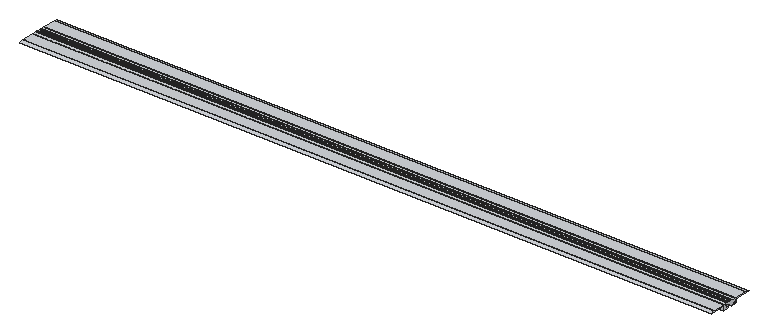
Revit family "Novojunta Pro Aluminio PLUS SP", category Modelos genéricos, Revit 2024 (continued)
Automatic sketch dimensions
  Extrusion 2 sketch curve to Extrusion 2 sketch curve = 0.556 mm  (x2)
  Extrusion 2 sketch curve to Extrusion 2 sketch curve = 0.914 mm  (x4)
  Extrusion 2 sketch curve to Extrusion 2 sketch curve = 6.15 mm
  Extrusion 2 sketch curve to Extrusion 2 sketch curve = 0.643 mm  (x2)
  Extrusion 2 sketch curve to Extrusion 2 sketch curve = 2.621 mm
  Extrusion 2 sketch curve to Extrusion 2 sketch curve = 3.073 mm
  Extrusion 2 sketch curve to Extrusion 2 sketch curve = 0.648 mm
  Extrusion 2 sketch curve to Extrusion 2 sketch curve = 0.081 mm
  Extrusion 2 sketch curve to Extrusion 2 sketch curve = 1.633 mm
  Extrusion 2 sketch curve to Extrusion 2 sketch curve = 0.035 mm
  Extrusion 2 sketch curve to Extrusion 2 sketch curve = 0.952 mm  (x2)
  Extrusion 2 sketch curve to Extrusion 2 sketch curve = 2.772 mm  (x2)
  Extrusion 2 sketch curve to Extrusion 2 sketch curve = 0.093 mm  (x2)
  Extrusion 2 sketch curve to Extrusion 2 sketch curve = 0.912 mm  (x2)
  Extrusion 2 sketch curve to Extrusion 2 sketch curve = 1.365 mm  (x2)
  Extrusion 2 sketch curve to Extrusion 2 sketch curve = 1.788 mm
  Extrusion 2 sketch curve to Extrusion 2 sketch curve = 1.929 mm
  Extrusion 2 sketch curve to Extrusion 2 sketch curve = 2.179 mm
  Extrusion 2 sketch curve to Extrusion 2 sketch curve = 0.065 mm
  Extrusion 2 sketch curve to Extrusion 2 sketch curve = 27.375 mm
  Extrusion 2 sketch curve to Extrusion 2 sketch curve = 12.662 mm
  Extrusion 2 sketch curve to Extrusion 2 sketch curve = 0.316 mm
  Extrusion 2 sketch curve to Extrusion 2 sketch curve = 2.724 mm
  Extrusion 2 sketch curve to Extrusion 2 sketch curve = 2.421 mm
  Extrusion 2 sketch curve to Extrusion 2 sketch curve = 3.225 mm
  Extrusion 2 sketch curve to Extrusion 2 sketch curve = 12.661 mm
  Extrusion 2 sketch curve to Extrusion 2 sketch curve = 2.409 mm
  Extrusion 2 sketch curve to Extrusion 2 sketch curve = 0.637 mm
  Extrusion 3 sketch curve to level = 2.865 mm
  plane 1 "Center (Front/Back)" to Extrusion 3 sketch curve = 83.198 mm
  Extrusion 3 sketch curve to level = 0.065 mm
  Extrusion 3 sketch curve to Extrusion 3 sketch curve = 12.661 mm
  Extrusion 3 sketch curve to Extrusion 3 sketch curve = 42.8 mm
  Extrusion 3 sketch curve to Extrusion 3 sketch curve = 2.8 mm
  Extrusion 3 sketch curve to Extrusion 3 sketch curve = 2.3 mm  (x4)
  Extrusion 3 sketch curve to Extrusion 3 sketch curve = 0.4 mm  (x3)
  Extrusion 3 sketch curve to Extrusion 3 sketch curve = 1 mm  (x5)
  Extrusion 3 sketch curve to Extrusion 3 sketch curve = 2 mm  (x7)
  Extrusion 3 sketch curve to level = 6.294 mm  (x2)
  Extrusion 3 sketch curve to Extrusion 3 sketch curve = 0.572 mm
  Extrusion 3 sketch curve to Extrusion 3 sketch curve = 0.428 mm  (x3)
  Extrusion 3 sketch curve to Extrusion 3 sketch curve = 1.428 mm
  Extrusion 3 sketch curve to level = 5.517 mm  (x2)
  Extrusion 3 sketch curve to Extrusion 3 sketch curve = 0.214 mm  (x3)
  Extrusion 3 sketch curve to Extrusion 3 sketch curve = 6.6 mm
  Extrusion 3 sketch curve to Extrusion 3 sketch curve = 4.567 mm  (x2)
  Extrusion 3 sketch curve to Extrusion 3 sketch curve = 0 mm  (x13)
  Extrusion 3 sketch curve to Extrusion 3 sketch curve = 0.8 mm  (x6)
  Extrusion 3 sketch curve to Extrusion 3 sketch curve = 2.1 mm  (x2)
  Extrusion 3 sketch curve to Extrusion 3 sketch curve = 1.633 mm
  Extrusion 3 sketch curve to Extrusion 3 sketch curve = 17.878 mm
  Extrusion 3 sketch curve to Extrusion 3 sketch curve = 7.086 mm  (x2)
  Extrusion 3 sketch curve to level = 25.713 mm
  Extrusion 3 sketch curve to Extrusion 3 sketch curve = 7.3 mm
  Extrusion 3 sketch curve to Extrusion 3 sketch curve = 1.214 mm  (x2)
  Extrusion 3 sketch curve to level = 24.936 mm
  Extrusion 3 sketch curve to Extrusion 3 sketch curve = 1.572 mm  (x2)
  Extrusion 3 sketch curve to Extrusion 3 sketch curve = 5 mm
  level to Extrusion 3 sketch curve = 26.708 mm
  Extrusion 3 sketch curve to Extrusion 3 sketch curve = 6 mm
  Extrusion 3 sketch curve to Extrusion 3 sketch curve = 0.452 mm  (x2)
  Extrusion 3 sketch curve to Extrusion 3 sketch curve = 5.5 mm
  Extrusion 3 sketch curve to Extrusion 3 sketch curve = 5.409 mm
  Extrusion 3 sketch curve to Extrusion 3 sketch curve = 0.729 mm
  Extrusion 3 sketch curve to Extrusion 3 sketch curve = 13.329 mm
  Extrusion 3 sketch curve to level = 11.747 mm
  Extrusion 3 sketch curve to Extrusion 3 sketch curve = 0.245 mm
  Extrusion 3 sketch curve to Extrusion 3 sketch curve = 0.437 mm
  Extrusion 3 sketch curve to level = 11.184 mm  (x4)
  Extrusion 3 sketch curve to Extrusion 3 sketch curve = 0.703 mm
  Extrusion 3 sketch curve to level = 4.652 mm
  Extrusion 3 sketch curve to Extrusion 3 sketch curve = 0.771 mm  (x2)
  Extrusion 3 sketch curve to level = 13.201 mm  (x2)
  Extrusion 3 sketch curve to Extrusion 3 sketch curve = 0.12 mm
  Extrusion 3 sketch curve to level = 13.18 mm  (x2)
  Extrusion 3 sketch curve to Extrusion 3 sketch curve = 1.188 mm
  Extrusion 3 sketch curve to Extrusion 3 sketch curve = 1.092 mm
  Extrusion 3 sketch curve to Extrusion 3 sketch curve = 0.261 mm  (x2)
  Extrusion 3 sketch curve to level = 11.689 mm
  Extrusion 3 sketch curve to Extrusion 3 sketch curve = 0.188 mm
  Extrusion 3 sketch curve to level = 4.2 mm  (x2)
  Extrusion 3 sketch curve to Extrusion 3 sketch curve = 0.606 mm
  Extrusion 3 sketch curve to level = 14.2 mm
  Extrusion 3 sketch curve to Extrusion 3 sketch curve = 2.312 mm
  Extrusion 3 sketch curve to level = 0 mm
  Extrusion 3 sketch curve to Extrusion 3 sketch curve = 2.631 mm
  Extrusion 3 sketch curve to level = 5.861 mm  (x4)
  Extrusion 3 sketch curve to Extrusion 3 sketch curve = 3.631 mm
  Extrusion 3 sketch curve to Extrusion 3 sketch curve = 0.359 mm  (x5)
  Extrusion 3 sketch curve to Extrusion 3 sketch curve = 2.719 mm  (x2)
  Extrusion 3 sketch curve to Extrusion 3 sketch curve = 0.243 mm
  Extrusion 3 sketch curve to Extrusion 3 sketch curve = 3.605 mm  (x2)
  Extrusion 3 sketch curve to level = 2.071 mm  (x4)
  Extrusion 3 sketch curve to Extrusion 3 sketch curve = 8.541 mm
  Extrusion 3 sketch curve to Extrusion 3 sketch curve = 8.115 mm
  Extrusion 3 sketch curve to Extrusion 3 sketch curve = 1.038 mm
  Extrusion 3 sketch curve to Extrusion 3 sketch curve = 4.646 mm
  Extrusion 3 sketch curve to Extrusion 3 sketch curve = 2.216 mm
  Extrusion 3 sketch curve to Extrusion 3 sketch curve = 0.811 mm
  Extrusion 3 sketch curve to level = 11.74 mm
  Extrusion 3 sketch curve to Extrusion 3 sketch curve = 0.219 mm
  Extrusion 3 sketch curve to Extrusion 3 sketch curve = 0.708 mm
  Extrusion 3 sketch curve to Extrusion 3 sketch curve = 1.187 mm  (x2)
  Extrusion 3 sketch curve to Extrusion 3 sketch curve = 1.172 mm
  Extrusion 3 sketch curve to Extrusion 3 sketch curve = 0.184 mm
  Extrusion 3 sketch curve to level = 10.271 mm
  Extrusion 3 sketch curve to Extrusion 3 sketch curve = 1.113 mm
  Extrusion 3 sketch curve to level = 11.713 mm
  Extrusion 3 sketch curve to Extrusion 3 sketch curve = 0.191 mm
  Extrusion 3 sketch curve to Extrusion 3 sketch curve = 13.436 mm
  Extrusion 3 sketch curve to Extrusion 3 sketch curve = 0.914 mm  (x3)
  Extrusion 3 sketch curve to Extrusion 3 sketch curve = 0.061 mm  (x3)
  Extrusion 3 sketch curve to Extrusion 3 sketch curve = 1.929 mm  (x2)
  Extrusion 3 sketch curve to Extrusion 3 sketch curve = 2.071 mm  (x3)
  Extrusion 3 sketch curve to Extrusion 3 sketch curve = 2.724 mm
  Extrusion 3 sketch curve to Extrusion 3 sketch curve = 0.796 mm
  Extrusion 3 sketch curve to level = 8.122 mm  (x2)
  Extrusion 3 sketch curve to Extrusion 3 sketch curve = 3.877 mm
  Extrusion 3 sketch curve to level = 4.841 mm  (x2)
  Extrusion 3 sketch curve to Extrusion 3 sketch curve = 0.014 mm
  Extrusion 3 sketch curve to Extrusion 3 sketch curve = 4.495 mm
  Extrusion 3 sketch curve to Extrusion 3 sketch curve = 0.406 mm
  Extrusion 3 sketch curve to level = 9.205 mm  (x2)
  Extrusion 3 sketch curve to Extrusion 3 sketch curve = 0.981 mm  (x2)
  Extrusion 3 sketch curve to level = 5.446 mm  (x2)
  Extrusion 3 sketch curve to Extrusion 3 sketch curve = 0.986 mm  (x2)
  Extrusion 3 sketch curve to level = 6.366 mm  (x2)
  Extrusion 3 sketch curve to Extrusion 3 sketch curve = 0.157 mm  (x2)
  Extrusion 3 sketch curve to Extrusion 3 sketch curve = 8.408 mm
  Extrusion 3 sketch curve to Extrusion 3 sketch curve = 0.196 mm  (x2)
  Extrusion 3 sketch curve to Extrusion 3 sketch curve = 0.004 mm  (x4)
  Extrusion 3 sketch curve to Extrusion 3 sketch curve = 0.168 mm  (x2)
  Extrusion 3 sketch curve to Extrusion 3 sketch curve = 2.957 mm
  Extrusion 3 sketch curve to Extrusion 3 sketch curve = 0.568 mm
  Extrusion 3 sketch curve to Extrusion 3 sketch curve = 2.991 mm
  Extrusion 3 sketch curve to Extrusion 3 sketch curve = 2.962 mm
  Extrusion 3 sketch curve to Extrusion 3 sketch curve = 1.593 mm
  Extrusion 4 sketch curve to level = 0 mm  (x5)
  plane 1 "Center (Front/Back)" to Extrusion 4 sketch curve = 24.7 mm
  Extrusion 4 sketch curve to level = 11.747 mm  (x2)
  Extrusion 4 sketch curve to Extrusion 4 sketch curve = 0.008 mm
  Extrusion 4 sketch curve to level = 11.184 mm  (x4)
  Extrusion 4 sketch curve to Extrusion 4 sketch curve = 0.703 mm
  Extrusion 4 sketch curve to Extrusion 4 sketch curve = 0.971 mm  (x2)
  Extrusion 4 sketch curve to level = 13.201 mm  (x2)
  Extrusion 4 sketch curve to Extrusion 4 sketch curve = 1.171 mm  (x2)
  Extrusion 4 sketch curve to level = 13.18 mm  (x2)
  Extrusion 4 sketch curve to Extrusion 4 sketch curve = 1.188 mm  (x2)
  Extrusion 4 sketch curve to Extrusion 4 sketch curve = 1.329 mm
  Extrusion 4 sketch curve to Extrusion 4 sketch curve = 0.261 mm  (x3)
  Extrusion 4 sketch curve to level = 11.74 mm  (x2)
  Extrusion 4 sketch curve to Extrusion 4 sketch curve = 0.708 mm  (x2)
  Extrusion 4 sketch curve to Extrusion 4 sketch curve = 5.697 mm
  Extrusion 4 sketch curve to level = 14.2 mm
  Extrusion 4 sketch curve to Extrusion 4 sketch curve = 6.435 mm  (x2)
  Extrusion 4 sketch curve to Extrusion 4 sketch curve = 2.631 mm
  Extrusion 4 sketch curve to level = 5.861 mm  (x4)
  Extrusion 4 sketch curve to Extrusion 4 sketch curve = 3.631 mm  (x2)
  Extrusion 4 sketch curve to Extrusion 4 sketch curve = 0.359 mm  (x5)
  Extrusion 4 sketch curve to Extrusion 4 sketch curve = 2.719 mm  (x2)
  Extrusion 4 sketch curve to Extrusion 4 sketch curve = 4.046 mm  (x2)
  Extrusion 4 sketch curve to Extrusion 4 sketch curve = 3.605 mm  (x2)
  Extrusion 4 sketch curve to level = 2.071 mm  (x4)
  Extrusion 4 sketch curve to Extrusion 4 sketch curve = 0.8 mm  (x4)
  Extrusion 4 sketch curve to Extrusion 4 sketch curve = 9.579 mm
  Extrusion 4 sketch curve to Extrusion 4 sketch curve = 8.115 mm
  Extrusion 4 sketch curve to Extrusion 4 sketch curve = 4.003 mm
  Extrusion 4 sketch curve to Extrusion 4 sketch curve = 1 mm  (x8)
  Extrusion 4 sketch curve to Extrusion 4 sketch curve = 1.109 mm
  Extrusion 4 sketch curve to Extrusion 4 sketch curve = 1.371 mm
  Extrusion 4 sketch curve to Extrusion 4 sketch curve = 15.901 mm
  Extrusion 4 sketch curve to Extrusion 4 sketch curve = 0.914 mm  (x4)
  Extrusion 4 sketch curve to Extrusion 4 sketch curve = 0.061 mm  (x3)
  Extrusion 4 sketch curve to level = 4.652 mm  (x2)
  Extrusion 4 sketch curve to Extrusion 4 sketch curve = 1.661 mm  (x2)
  Extrusion 4 sketch curve to level = 2.224 mm  (x2)
  Extrusion 4 sketch curve to Extrusion 4 sketch curve = 0 mm  (x9)
  Extrusion 4 sketch curve to Extrusion 4 sketch curve = 0.796 mm
  Extrusion 4 sketch curve to level = 8.122 mm  (x2)
  Extrusion 4 sketch curve to Extrusion 4 sketch curve = 3.877 mm
  Extrusion 4 sketch curve to level = 4.841 mm  (x2)
  Extrusion 4 sketch curve to Extrusion 4 sketch curve = 0.014 mm
  Extrusion 4 sketch curve to Extrusion 4 sketch curve = 4.495 mm
  Extrusion 4 sketch curve to Extrusion 4 sketch curve = 0.406 mm
  Extrusion 4 sketch curve to level = 9.205 mm  (x2)
  Extrusion 4 sketch curve to Extrusion 4 sketch curve = 0.981 mm  (x2)
  Extrusion 4 sketch curve to level = 5.446 mm  (x2)
  Extrusion 4 sketch curve to Extrusion 4 sketch curve = 0.986 mm  (x2)
  Extrusion 4 sketch curve to level = 6.366 mm  (x2)
  Extrusion 4 sketch curve to Extrusion 4 sketch curve = 0.157 mm  (x2)
  Extrusion 4 sketch curve to Extrusion 4 sketch curve = 8.408 mm
  Extrusion 4 sketch curve to Extrusion 4 sketch curve = 0.196 mm  (x2)
  Extrusion 4 sketch curve to Extrusion 4 sketch curve = 0.004 mm  (x4)
  Extrusion 4 sketch curve to Extrusion 4 sketch curve = 0.168 mm  (x2)
  Extrusion 4 sketch curve to Extrusion 4 sketch curve = 2.957 mm
  Extrusion 4 sketch curve to Extrusion 4 sketch curve = 0.568 mm
  Extrusion 4 sketch curve to Extrusion 4 sketch curve = 2.991 mm
  Extrusion 4 sketch curve to Extrusion 4 sketch curve = 2.962 mm
  Extrusion 4 sketch curve to Extrusion 4 sketch curve = 1.593 mm
  Extrusion 4 sketch curve to Extrusion 4 sketch curve = 0.316 mm  (x2)
  Extrusion 4 sketch curve to level = 5.517 mm  (x2)
  Extrusion 4 sketch curve to Extrusion 4 sketch curve = 0.318 mm
  Extrusion 4 sketch curve to Extrusion 4 sketch curve = 2.238 mm
  Extrusion 4 sketch curve to Extrusion 4 sketch curve = 0.214 mm  (x2)
  Extrusion 4 sketch curve to Extrusion 4 sketch curve = 1.214 mm
  Extrusion 4 sketch curve to level = 6.294 mm  (x2)
  Extrusion 4 sketch curve to Extrusion 4 sketch curve = 0.428 mm  (x2)
  Extrusion 4 sketch curve to Extrusion 4 sketch curve = 1.572 mm
  Extrusion 4 sketch curve to Extrusion 4 sketch curve = 0.197 mm  (x2)
  Extrusion 4 sketch curve to level = 14.055 mm
  Extrusion 4 sketch curve to Extrusion 4 sketch curve = 0.787 mm
  Extrusion 4 sketch curve to Extrusion 4 sketch curve = 0.194 mm
  Extrusion 4 sketch curve to Extrusion 4 sketch curve = 0.4 mm  (x2)
  Extrusion 4 sketch curve to level = 14.044 mm
  Extrusion 4 sketch curve to Extrusion 4 sketch curve = 0.916 mm
  Extrusion 4 sketch curve to Extrusion 4 sketch curve = 0.171 mm  (x2)
  Extrusion 4 sketch curve to Extrusion 4 sketch curve = 4.135 mm  (x2)
  Extrusion 4 sketch curve to level = 0.183 mm  (x2)
  Extrusion 4 sketch curve to Extrusion 4 sketch curve = 43.333 mm
  Extrusion 4 sketch curve to level = 2.865 mm  (x2)
  Extrusion 4 sketch curve to Extrusion 4 sketch curve = 12.128 mm  (x2)
  Extrusion 4 sketch curve to Extrusion 4 sketch curve = 3.463 mm
  Extrusion 4 sketch curve to Extrusion 4 sketch curve = 0.365 mm  (x2)
  Extrusion 4 sketch curve to Extrusion 4 sketch curve = 0.729 mm
  Extrusion 4 sketch curve to level = 0.065 mm
  Extrusion 4 sketch curve to Extrusion 4 sketch curve = 42.254 mm
  Extrusion 4 sketch curve to Extrusion 4 sketch curve = 1.08 mm
  Extrusion 4 sketch curve to level = 13.981 mm
  Extrusion 4 sketch curve to Extrusion 4 sketch curve = 0.349 mm
  Extrusion 4 sketch curve to Extrusion 4 sketch curve = 0.206 mm
  Extrusion 4 sketch curve to level = 14.022 mm
  Extrusion 4 sketch curve to Extrusion 4 sketch curve = 0.552 mm
  Extrusion 4 sketch curve to Extrusion 4 sketch curve = 0.572 mm
  Extrusion 4 sketch curve to Extrusion 4 sketch curve = 0.532 mm
  Extrusion 4 sketch curve to Extrusion 4 sketch curve = 2 mm
  Extrusion 4 sketch curve to Extrusion 4 sketch curve = 2.465 mm
  Extrusion 4 sketch curve to Extrusion 4 sketch curve = 1.365 mm
  Extrusion 5 sketch curve to level = 0 mm
  plane 1 "Center (Front/Back)" to Extrusion 5 sketch curve = 24.7 mm
  Extrusion 5 sketch curve to level = 11.747 mm
  Extrusion 5 sketch curve to Extrusion 5 sketch curve = 0.008 mm  (x2)
  Extrusion 5 sketch curve to level = 11.184 mm  (x4)
  Extrusion 5 sketch curve to Extrusion 5 sketch curve = 0.703 mm
  Extrusion 5 sketch curve to level = 10.271 mm  (x2)
  Extrusion 5 sketch curve to Extrusion 5 sketch curve = 0.261 mm  (x3)
  Extrusion 5 sketch curve to level = 13.201 mm  (x2)
  Extrusion 5 sketch curve to Extrusion 5 sketch curve = 1.171 mm  (x2)
  Extrusion 5 sketch curve to level = 13.18 mm  (x2)
  Extrusion 5 sketch curve to Extrusion 5 sketch curve = 1.188 mm  (x2)
  Extrusion 5 sketch curve to Extrusion 5 sketch curve = 1.329 mm
  Extrusion 5 sketch curve to level = 11.689 mm
  Extrusion 5 sketch curve to Extrusion 5 sketch curve = 0.643 mm
  Extrusion 5 sketch curve to Extrusion 5 sketch curve = 1.829 mm  (x2)
  Extrusion 5 sketch curve to Extrusion 5 sketch curve = 5.238 mm
  Extrusion 5 sketch curve to Extrusion 5 sketch curve = 0.061 mm  (x2)
  Extrusion 5 sketch curve to level = 4.797 mm  (x2)
  Extrusion 5 sketch curve to Extrusion 5 sketch curve = 0.613 mm  (x2)
  Extrusion 5 sketch curve to level = 13.603 mm  (x2)
  Extrusion 5 sketch curve to Extrusion 5 sketch curve = 6.022 mm
  Extrusion 5 sketch curve to Extrusion 5 sketch curve = 0.614 mm  (x2)
  Extrusion 5 sketch curve to Extrusion 5 sketch curve = 0.07 mm  (x2)
  Extrusion 5 sketch curve to Extrusion 5 sketch curve = 5.785 mm  (x2)
  Extrusion 5 sketch curve to Extrusion 5 sketch curve = 6.924 mm  (x2)
  Extrusion 5 sketch curve to Extrusion 5 sketch curve = 19.2 mm
  Extrusion 5 sketch curve to Extrusion 5 sketch curve = 1.421 mm
  Extrusion 5 sketch curve to Extrusion 5 sketch curve = 1.014 mm
  Extrusion 5 sketch curve to Extrusion 5 sketch curve = 3.409 mm
  Extrusion 5 sketch curve to level = 11.74 mm
  Extrusion 5 sketch curve to Extrusion 5 sketch curve = 5.956 mm
  Extrusion 5 sketch curve to Extrusion 5 sketch curve = 0.708 mm
  Extrusion 5 sketch curve to Extrusion 5 sketch curve = 1.109 mm
  Extrusion 5 sketch curve to level = 4.652 mm
  Extrusion 5 sketch curve to Extrusion 5 sketch curve = 2.7 mm
  Extrusion 5 sketch curve to level = 11.693 mm
  Extrusion 5 sketch curve to Extrusion 5 sketch curve = 0.635 mm
  Extrusion 5 sketch curve to Extrusion 5 sketch curve = 0.971 mm
  Extrusion 5 sketch curve to Extrusion 5 sketch curve = 0.597 mm  (x2)
  Extrusion 5 sketch curve to Extrusion 5 sketch curve = 1.559 mm
  Extrusion 5 sketch curve to Extrusion 5 sketch curve = 0 mm  (x5)
  Extrusion 5 sketch curve to Extrusion 5 sketch curve = 0.914 mm  (x2)
  Extrusion 5 sketch curve to Extrusion 5 sketch curve = 0.013 mm  (x2)
  Extrusion 5 sketch curve to Extrusion 5 sketch curve = 0.452 mm  (x2)
  Extrusion 5 sketch curve to Extrusion 5 sketch curve = 2.224 mm  (x2)
  Extrusion 5 sketch curve to Extrusion 5 sketch curve = 266.786 mm
  Extrusion 5 sketch curve to Extrusion 5 sketch curve = 0.24 mm
  Extrusion 5 sketch curve to Extrusion 5 sketch curve = 3.04 mm
  Extrusion 5 sketch curve to Extrusion 5 sketch curve = 42.8 mm
  Extrusion 5 sketch curve to level = 2.839 mm
  Extrusion 5 sketch curve to Extrusion 5 sketch curve = 12.661 mm
  Extrusion 5 sketch curve to Extrusion 5 sketch curve = 0.283 mm
  Extrusion 5 sketch curve to Extrusion 5 sketch curve = 0.4 mm  (x3)
  Extrusion 5 sketch curve to Extrusion 5 sketch curve = 0.185 mm
  Extrusion 5 sketch curve to Extrusion 5 sketch curve = 1 mm  (x4)
  Extrusion 5 sketch curve to Extrusion 5 sketch curve = 2 mm  (x3)
  Extrusion 5 sketch curve to level = 6.268 mm  (x2)
  Extrusion 5 sketch curve to Extrusion 5 sketch curve = 0.572 mm
  Extrusion 5 sketch curve to Extrusion 5 sketch curve = 0.428 mm  (x3)
  Extrusion 5 sketch curve to Extrusion 5 sketch curve = 0.21 mm
  Extrusion 5 sketch curve to Extrusion 5 sketch curve = 1.837 mm
  Extrusion 5 sketch curve to level = 5.49 mm  (x2)
  Extrusion 5 sketch curve to Extrusion 5 sketch curve = 0.214 mm  (x2)
  Extrusion 5 sketch curve to Extrusion 5 sketch curve = 1.706 mm
  Extrusion 5 sketch curve to Extrusion 5 sketch curve = 2.439 mm
  Extrusion 5 sketch curve to Extrusion 5 sketch curve = 0.935 mm
  Extrusion 5 sketch curve to Extrusion 5 sketch curve = 0.05 mm
  Extrusion 5 sketch curve to Extrusion 5 sketch curve = 1.339 mm
  Extrusion 5 sketch curve to Extrusion 5 sketch curve = 2.8 mm
  Extrusion 5 sketch curve to level = 4.553 mm  (x2)
  Extrusion 5 sketch curve to Extrusion 5 sketch curve = 2.992 mm
  Extrusion 5 sketch curve to level = 9.314 mm  (x2)
  Extrusion 5 sketch curve to Extrusion 5 sketch curve = 1.912 mm
  Extrusion 5 sketch curve to Extrusion 5 sketch curve = 0.993 mm  (x4)
  Extrusion 5 sketch curve to level = 3.44 mm  (x2)
  Extrusion 5 sketch curve to Extrusion 5 sketch curve = 0.037 mm  (x2)
  Extrusion 5 sketch curve to Extrusion 5 sketch curve = 0.92 mm  (x2)
  Extrusion 5 sketch curve to Extrusion 5 sketch curve = 3.515 mm
  Extrusion 5 sketch curve to Extrusion 5 sketch curve = 0.001 mm  (x2)
  Extrusion 5 sketch curve to level = 3.65 mm  (x2)
  Extrusion 5 sketch curve to Extrusion 5 sketch curve = 0.017 mm  (x2)
  Extrusion 5 sketch curve to Extrusion 5 sketch curve = 0.004 mm  (x2)
  Extrusion 5 sketch curve to Extrusion 5 sketch curve = 0.032 mm  (x2)
  Extrusion 5 sketch curve to Extrusion 5 sketch curve = 0.886 mm  (x2)
  Extrusion 5 sketch curve to Extrusion 5 sketch curve = 1.377 mm  (x2)
  Extrusion 5 sketch curve to Extrusion 5 sketch curve = 0.377 mm  (x2)
  Extrusion 5 sketch curve to Extrusion 5 sketch curve = 0.874 mm
  Extrusion 5 sketch curve to Extrusion 5 sketch curve = 0.289 mm  (x2)
  Extrusion 5 sketch curve to Extrusion 5 sketch curve = 3.497 mm
  Extrusion 5 sketch curve to Extrusion 5 sketch curve = 2.029 mm
  Extrusion 5 sketch curve to Extrusion 5 sketch curve = 4.022 mm
  Extrusion 5 sketch curve to Extrusion 5 sketch curve = 0.981 mm
  Extrusion 5 sketch curve to Extrusion 5 sketch curve = 0.937 mm
  Extrusion 5 sketch curve to Extrusion 5 sketch curve = 0.072 mm
  Extrusion 5 sketch curve to level = 25.687 mm
  Extrusion 5 sketch curve to Extrusion 5 sketch curve = 7.086 mm
  Extrusion 5 sketch curve to Extrusion 5 sketch curve = 1.768 mm
  Extrusion 5 sketch curve to Extrusion 5 sketch curve = 0.142 mm
  Extrusion 5 sketch curve to Extrusion 5 sketch curve = 1.214 mm  (x2)
  Extrusion 5 sketch curve to level = 24.909 mm
  Extrusion 5 sketch curve to Extrusion 5 sketch curve = 1.572 mm
  Extrusion 5 sketch curve to Extrusion 5 sketch curve = 2.157 mm
  Extrusion 5 sketch curve to Extrusion 5 sketch curve = 2.3 mm
  Extrusion 5 sketch curve to Extrusion 5 sketch curve = 0.186 mm
  Extrusion 5 sketch curve to Extrusion 5 sketch curve = 5 mm
  Extrusion 5 sketch curve to Extrusion 5 sketch curve = 0.247 mm
  Extrusion 5 sketch curve to Extrusion 5 sketch curve = 5.5 mm
  Extrusion 5 sketch curve to Extrusion 5 sketch curve = 6.237 mm
  Extrusion 5 sketch curve to Extrusion 5 sketch curve = 0.8 mm
  Extrusion 5 sketch curve to Extrusion 5 sketch curve = 0.339 mm
  Extrusion 5 sketch curve to Extrusion 5 sketch curve = 0.002 mm
  Extrusion 5 sketch curve to Extrusion 5 sketch curve = 0.046 mm
  Extrusion 5 sketch curve to Extrusion 5 sketch curve = 0.729 mm
  Extrusion 5 sketch curve to Extrusion 5 sketch curve = 26.734 mm
  Extrusion 5 sketch curve to Extrusion 5 sketch curve = 13.329 mm
  Extrusion 6 sketch curve to level = 14.51 mm
  Extrusion 6 sketch curve to plane 1 "Center (Front/Back)" = 9.177 mm
  Extrusion 6 sketch curve to level = 5.462 mm  (x2)
  Extrusion 6 sketch curve to Extrusion 6 sketch curve = 6.386 mm  (x2)
  Extrusion 6 sketch curve to Extrusion 6 sketch curve = 6.6 mm  (x2)
  Extrusion 6 sketch curve to Extrusion 6 sketch curve = 0.214 mm  (x2)
  Extrusion 6 sketch curve to Extrusion 6 sketch curve = 1.214 mm  (x2)
  Extrusion 6 sketch curve to level = 6.239 mm  (x2)
  Extrusion 6 sketch curve to Extrusion 6 sketch curve = 0.428 mm  (x2)
  Extrusion 6 sketch curve to Extrusion 6 sketch curve = 2 mm  (x3)
  Extrusion 6 sketch curve to Extrusion 6 sketch curve = 1.572 mm  (x2)
  Extrusion 6 sketch curve to Extrusion 6 sketch curve = 2.3 mm  (x2)
  Extrusion 6 sketch curve to Extrusion 6 sketch curve = 0.4 mm  (x2)
  Extrusion 6 sketch curve to Extrusion 6 sketch curve = 5 mm  (x2)
  Extrusion 6 sketch curve to Extrusion 6 sketch curve = 2.8 mm  (x4)
  Extrusion 6 sketch curve to level = 0.01 mm  (x2)
  Extrusion 6 sketch curve to Extrusion 6 sketch curve = 42.8 mm  (x2)
  Extrusion 6 sketch curve to Extrusion 6 sketch curve = 12.661 mm  (x2)
  Extrusion 6 sketch curve to Extrusion 6 sketch curve = 2.1 mm  (x2)
  Extrusion 6 sketch curve to Extrusion 6 sketch curve = 4.9 mm
  Extrusion 6 sketch curve to Extrusion 6 sketch curve = 0 mm  (x5)
  Extrusion 6 sketch curve to Extrusion 6 sketch curve = 1.633 mm
  Extrusion 6 sketch curve to Extrusion 6 sketch curve = 18.526 mm
  Extrusion 6 sketch curve to Extrusion 6 sketch curve = 1 mm
  Extrusion 6 sketch curve to Extrusion 6 sketch curve = 9.467 mm
  Extrusion 6 sketch curve to Extrusion 6 sketch curve = 0.8 mm
  Extrusion 6 sketch curve to Extrusion 6 sketch curve = 0.729 mm
  Extrusion 6 sketch curve to level = 11.747 mm
  Extrusion 6 sketch curve to Extrusion 6 sketch curve = 0.257 mm
  Extrusion 6 sketch curve to Extrusion 6 sketch curve = 0.449 mm
  Extrusion 6 sketch curve to level = 11.184 mm  (x4)
  Extrusion 6 sketch curve to Extrusion 6 sketch curve = 0.703 mm
  Extrusion 6 sketch curve to Extrusion 6 sketch curve = 0.261 mm  (x2)
  Extrusion 6 sketch curve to level = 13.201 mm  (x2)
  Extrusion 6 sketch curve to Extrusion 6 sketch curve = 0.108 mm
  Extrusion 6 sketch curve to level = 13.18 mm  (x2)
  Extrusion 6 sketch curve to Extrusion 6 sketch curve = 1.188 mm
  Extrusion 6 sketch curve to level = 10.271 mm
  Extrusion 6 sketch curve to Extrusion 6 sketch curve = 1.079 mm
  Extrusion 6 sketch curve to level = 11.669 mm
  Extrusion 6 sketch curve to Extrusion 6 sketch curve = 0.201 mm  (x3)
  Extrusion 6 sketch curve to Extrusion 6 sketch curve = 0.251 mm
  Extrusion 6 sketch curve to Extrusion 6 sketch curve = 0.158 mm
  Extrusion 6 sketch curve to Extrusion 6 sketch curve = 0.219 mm
  Extrusion 6 sketch curve to level = 4.797 mm  (x2)
  Extrusion 6 sketch curve to Extrusion 6 sketch curve = 0.613 mm
  Extrusion 6 sketch curve to level = 13.603 mm  (x2)
  Extrusion 6 sketch curve to Extrusion 6 sketch curve = 1.846 mm
  Extrusion 6 sketch curve to Extrusion 6 sketch curve = 0.614 mm  (x2)
  Extrusion 6 sketch curve to Extrusion 6 sketch curve = 0.07 mm  (x2)
  Extrusion 6 sketch curve to Extrusion 6 sketch curve = 1.715 mm
  Extrusion 6 sketch curve to Extrusion 6 sketch curve = 6.924 mm
  Extrusion 6 sketch curve to Extrusion 6 sketch curve = 19.2 mm
  Extrusion 6 sketch curve to Extrusion 6 sketch curve = 1.421 mm
  Extrusion 6 sketch curve to Extrusion 6 sketch curve = 1.543 mm
  Extrusion 6 sketch curve to Extrusion 6 sketch curve = 2.357 mm
  Extrusion 6 sketch curve to Extrusion 6 sketch curve = 0.66 mm
  Extrusion 6 sketch curve to Extrusion 6 sketch curve = 0.048 mm
  Extrusion 6 sketch curve to Extrusion 6 sketch curve = 0.014 mm
  Extrusion 6 sketch curve to Extrusion 6 sketch curve = 0.423 mm
  Extrusion 6 sketch curve to level = 11.74 mm
  Extrusion 6 sketch curve to Extrusion 6 sketch curve = 0.283 mm
  Extrusion 6 sketch curve to Extrusion 6 sketch curve = 0.708 mm
  Extrusion 6 sketch curve to Extrusion 6 sketch curve = 1.251 mm  (x2)
  Extrusion 6 sketch curve to Extrusion 6 sketch curve = 1.109 mm
  Extrusion 6 sketch curve to Extrusion 6 sketch curve = 0.12 mm
  Extrusion 6 sketch curve to level = 4.652 mm
  Extrusion 6 sketch curve to Extrusion 6 sketch curve = 2.7 mm
  Extrusion 6 sketch curve to Extrusion 6 sketch curve = 0.788 mm
  Extrusion 6 sketch curve to Extrusion 6 sketch curve = 0.277 mm
  Extrusion 6 sketch curve to level = 11.672 mm
  Extrusion 6 sketch curve to Extrusion 6 sketch curve = 0.178 mm
  Extrusion 6 sketch curve to Extrusion 6 sketch curve = 0.851 mm
  Extrusion 6 sketch curve to Extrusion 6 sketch curve = 0.31 mm
  Extrusion 6 sketch curve to Extrusion 6 sketch curve = 0.597 mm
  Extrusion 6 sketch curve to Extrusion 6 sketch curve = 0.914 mm  (x3)
  Extrusion 6 sketch curve to Extrusion 6 sketch curve = 0.452 mm
  Extrusion 6 sketch curve to Extrusion 6 sketch curve = 1.929 mm  (x2)
  Extrusion 6 sketch curve to Extrusion 6 sketch curve = 0.01 mm
  level to Extrusion 6 sketch curve = 266.786 mm
  Extrusion 6 sketch curve to Extrusion 6 sketch curve = 0.004 mm  (x2)
  Extrusion 6 sketch curve to level = 3.65 mm  (x2)
  Extrusion 6 sketch curve to Extrusion 6 sketch curve = 3.497 mm
  Extrusion 6 sketch curve to Extrusion 6 sketch curve = 0.017 mm  (x2)
  Extrusion 6 sketch curve to Extrusion 6 sketch curve = 0.001 mm  (x2)
  Extrusion 6 sketch curve to Extrusion 6 sketch curve = 0.487 mm
  Extrusion 6 sketch curve to Extrusion 6 sketch curve = 0.92 mm  (x2)
  Extrusion 6 sketch curve to level = 3.44 mm  (x2)
  Extrusion 6 sketch curve to Extrusion 6 sketch curve = 4.022 mm
  Extrusion 6 sketch curve to Extrusion 6 sketch curve = 0.037 mm  (x2)
  Extrusion 6 sketch curve to level = 9.314 mm  (x2)
  Extrusion 6 sketch curve to Extrusion 6 sketch curve = 0.993 mm  (x4)
  Extrusion 6 sketch curve to level = 4.553 mm  (x2)
  Extrusion 6 sketch curve to Extrusion 6 sketch curve = 0.032 mm  (x2)
  Extrusion 6 sketch curve to Extrusion 6 sketch curve = 0.886 mm  (x2)
  Extrusion 6 sketch curve to Extrusion 6 sketch curve = 1.377 mm  (x2)
  Extrusion 6 sketch curve to Extrusion 6 sketch curve = 0.377 mm  (x2)
  Extrusion 6 sketch curve to Extrusion 6 sketch curve = 0.981 mm
  Extrusion 6 sketch curve to Extrusion 6 sketch curve = 0.289 mm  (x2)
  Extrusion 6 sketch curve to Extrusion 6 sketch curve = 2.992 mm
  Extrusion 6 sketch curve to Extrusion 6 sketch curve = 1.912 mm
  Extrusion 6 sketch curve to Extrusion 6 sketch curve = 3.515 mm
  Extrusion 6 sketch curve to Extrusion 6 sketch curve = 0.874 mm
  Extrusion 7 sketch curve to plane 1 "Center (Front/Back)" = 22.585 mm
  Extrusion 7 sketch curve to Extrusion 7 sketch curve = 42.8 mm  (x2)
  Extrusion 7 sketch curve to Extrusion 7 sketch curve = 12.661 mm  (x2)
  Extrusion 7 sketch curve to level = 2.8 mm
  Extrusion 7 sketch curve to Extrusion 7 sketch curve = 2.8 mm  (x3)
  Extrusion 7 sketch curve to Extrusion 7 sketch curve = 13.8 mm
  Extrusion 7 sketch curve to Extrusion 7 sketch curve = 18.4 mm
  Extrusion 7 sketch curve to level = 5.452 mm  (x2)
  Extrusion 7 sketch curve to Extrusion 7 sketch curve = 6.6 mm
  Extrusion 7 sketch curve to Extrusion 7 sketch curve = 0.214 mm  (x2)
  Extrusion 7 sketch curve to Extrusion 7 sketch curve = 1.214 mm
  Extrusion 7 sketch curve to Extrusion 7 sketch curve = 0.428 mm  (x2)
  Extrusion 7 sketch curve to Extrusion 7 sketch curve = 2 mm  (x2)
  Extrusion 7 sketch curve to Extrusion 7 sketch curve = 1.572 mm
  Extrusion 7 sketch curve to Extrusion 7 sketch curve = 1 mm  (x3)
  Extrusion 7 sketch curve to Extrusion 7 sketch curve = 2.3 mm
  Extrusion 7 sketch curve to Extrusion 7 sketch curve = 2.1 mm  (x2)
  Extrusion 7 sketch curve to Extrusion 7 sketch curve = 0.8 mm  (x2)
  Extrusion 7 sketch curve to Extrusion 7 sketch curve = 1.681 mm  (x2)
  Extrusion 7 sketch curve to Extrusion 7 sketch curve = 0.729 mm  (x2)
  Extrusion 7 sketch curve to Extrusion 7 sketch curve = 0.4 mm  (x2)
  Extrusion 7 sketch curve to Extrusion 7 sketch curve = 0 mm  (x3)
  Extrusion 7 sketch curve to Extrusion 7 sketch curve = 0.2 mm
  Extrusion 7 sketch curve to Extrusion 7 sketch curve = 3.586 mm
  Extrusion 7 sketch curve to Extrusion 7 sketch curve = 19.785 mm
  Extrusion 7 sketch curve to Extrusion 7 sketch curve = 1.197 mm
  Extrusion 7 sketch curve to Extrusion 7 sketch curve = 4.955 mm
  Extrusion 7 sketch curve to Extrusion 7 sketch curve = 3.17 mm
  Extrusion 7 sketch curve to Extrusion 7 sketch curve = 0.019 mm  (x3)
  Extrusion 7 sketch curve to level = 13.654 mm
  Extrusion 7 sketch curve to Extrusion 7 sketch curve = 0.617 mm  (x2)
  Extrusion 7 sketch curve to Extrusion 7 sketch curve = 0.664 mm
  Extrusion 7 sketch curve to Extrusion 7 sketch curve = 0.123 mm
  Extrusion 7 sketch curve to Extrusion 7 sketch curve = 3.273 mm
  Extrusion 7 sketch curve to Extrusion 7 sketch curve = 2.322 mm
  Extrusion 7 sketch curve to Extrusion 7 sketch curve = 0.754 mm  (x3)
  Extrusion 7 sketch curve to Extrusion 7 sketch curve = 0.261 mm  (x4)
  Extrusion 7 sketch curve to Extrusion 7 sketch curve = 1.155 mm
  Extrusion 7 sketch curve to Extrusion 7 sketch curve = 0.963 mm  (x4)
  Extrusion 7 sketch curve to level = 13.18 mm
  Extrusion 7 sketch curve to Extrusion 7 sketch curve = 0.015 mm
  Extrusion 7 sketch curve to Extrusion 7 sketch curve = 1.38 mm
  Extrusion 7 sketch curve to Extrusion 7 sketch curve = 0.089 mm
  Extrusion 7 sketch curve to Extrusion 7 sketch curve = 2.062 mm
  Extrusion 7 sketch curve to Extrusion 7 sketch curve = 0.645 mm
  Extrusion 7 sketch curve to Extrusion 7 sketch curve = 0.142 mm
  Extrusion 7 sketch curve to Extrusion 7 sketch curve = 0.415 mm
  Extrusion 7 sketch curve to Extrusion 7 sketch curve = 0.454 mm
  Extrusion 7 sketch curve to Extrusion 7 sketch curve = 0.892 mm
  Extrusion 7 sketch curve to Extrusion 7 sketch curve = 0.129 mm
  Extrusion 7 sketch curve to Extrusion 7 sketch curve = 2.207 mm
  Extrusion 7 sketch curve to Extrusion 7 sketch curve = 0.319 mm
  Extrusion 7 sketch curve to Extrusion 7 sketch curve = 0.311 mm
  Extrusion 7 sketch curve to Extrusion 7 sketch curve = 0.303 mm
  Extrusion 7 sketch curve to Extrusion 7 sketch curve = 0.546 mm  (x2)
  Extrusion 7 sketch curve to Extrusion 7 sketch curve = 0.3 mm  (x2)
  Extrusion 7 sketch curve to Extrusion 7 sketch curve = 0.5 mm
  Extrusion 7 sketch curve to Extrusion 7 sketch curve = 0.503 mm
  Extrusion 7 sketch curve to Extrusion 7 sketch curve = 0.812 mm
  Extrusion 7 sketch curve to Extrusion 7 sketch curve = 1.443 mm
  Extrusion 7 sketch curve to Extrusion 7 sketch curve = 0.002 mm  (x2)
  Extrusion 7 sketch curve to Extrusion 7 sketch curve = 0.808 mm
  Extrusion 7 sketch curve to Extrusion 7 sketch curve = 0.671 mm
  Extrusion 7 sketch curve to Extrusion 7 sketch curve = 0.033 mm  (x4)
  Extrusion 7 sketch curve to Extrusion 7 sketch curve = 1.513 mm  (x2)
  Extrusion 7 sketch curve to Extrusion 7 sketch curve = 0.483 mm  (x4)
  Extrusion 7 sketch curve to Extrusion 7 sketch curve = 0.921 mm  (x4)
  Extrusion 7 sketch curve to Extrusion 7 sketch curve = 0.136 mm
  Extrusion 7 sketch curve to Extrusion 7 sketch curve = 5.4 mm
  Extrusion 7 sketch curve to Extrusion 7 sketch curve = 0.124 mm  (x2)
  Extrusion 7 sketch curve to Extrusion 7 sketch curve = 0.496 mm  (x3)
  Extrusion 7 sketch curve to Extrusion 7 sketch curve = 2.474 mm
  Extrusion 7 sketch curve to Extrusion 7 sketch curve = 2.222 mm
  Extrusion 7 sketch curve to Extrusion 7 sketch curve = 167.742 mm
  Extrusion 7 sketch curve to Extrusion 7 sketch curve = 0.599 mm
  Extrusion 7 sketch curve to Extrusion 7 sketch curve = 0.183 mm
  Extrusion 7 sketch curve to Extrusion 7 sketch curve = 0.572 mm
  Extrusion 7 sketch curve to Extrusion 7 sketch curve = 0.215 mm
  Extrusion 7 sketch curve to Extrusion 7 sketch curve = 1.802 mm
  Extrusion 7 sketch curve to Extrusion 7 sketch curve = 0.846 mm
  Extrusion 7 sketch curve to Extrusion 7 sketch curve = 1.011 mm
  Extrusion 7 sketch curve to Extrusion 7 sketch curve = 3.207 mm
  Extrusion 7 sketch curve to Extrusion 7 sketch curve = 0.578 mm
  Extrusion 7 sketch curve to Extrusion 7 sketch curve = 0.391 mm
  Extrusion 7 sketch curve to Extrusion 7 sketch curve = 0.399 mm
  Extrusion 7 sketch curve to Extrusion 7 sketch curve = 0.947 mm
  Extrusion 7 sketch curve to Extrusion 7 sketch curve = 2.154 mm
  Extrusion 7 sketch curve to Extrusion 7 sketch curve = 0.655 mm
  Extrusion 7 sketch curve to level = 3.1 mm  (x2)
  Extrusion 7 sketch curve to Extrusion 7 sketch curve = 0.987 mm  (x2)
  Extrusion 7 sketch curve to Extrusion 7 sketch curve = 0.948 mm  (x2)
  Extrusion 7 sketch curve to Extrusion 7 sketch curve = 5.022 mm
  Extrusion 7 sketch curve to Extrusion 7 sketch curve = 0.004 mm  (x2)
  Extrusion 7 sketch curve to Extrusion 7 sketch curve = 0.174 mm
  Extrusion 7 sketch curve to level = 4.037 mm
  Extrusion 7 sketch curve to Extrusion 7 sketch curve = 0.994 mm  (x2)
  Extrusion 7 sketch curve to Extrusion 7 sketch curve = 0.822 mm  (x2)
  Extrusion 7 sketch curve to Extrusion 7 sketch curve = 0.466 mm
  Extrusion 7 sketch curve to Extrusion 7 sketch curve = 0.144 mm
  Extrusion 7 sketch curve to Extrusion 7 sketch curve = 4.714 mm
  Extrusion 7 sketch curve to Extrusion 7 sketch curve = 0.206 mm  (x2)
  Extrusion 7 sketch curve to Extrusion 7 sketch curve = 1.641 mm
  Extrusion 7 sketch curve to Extrusion 7 sketch curve = 0.091 mm  (x2)
  Extrusion 7 sketch curve to Extrusion 7 sketch curve = 1.138 mm  (x2)
  Extrusion 7 sketch curve to Extrusion 7 sketch curve = 0.058 mm  (x2)
  Extrusion 7 sketch curve to Extrusion 7 sketch curve = 0.766 mm
  Extrusion 7 sketch curve to Extrusion 7 sketch curve = 0.267 mm
  Extrusion 7 sketch curve to level = 5.587 mm
  Extrusion 7 sketch curve to Extrusion 7 sketch curve = 0.819 mm
  Extrusion 7 sketch curve to Extrusion 7 sketch curve = 3.141 mm
  Extrusion 7 sketch curve to Extrusion 7 sketch curve = 0.023 mm
  Extrusion 7 sketch curve to level = 8.865 mm
  Extrusion 7 sketch curve to Extrusion 7 sketch curve = 1.583 mm
  Extrusion 7 sketch curve to Extrusion 7 sketch curve = 0.406 mm
  Extrusion 7 sketch curve to Extrusion 7 sketch curve = 0.887 mm
  Extrusion 8 sketch curve to level = 2.8 mm
  plane 1 "Center (Front/Back)" to Extrusion 8 sketch curve = 78.403 mm
  Extrusion 8 sketch curve to level = 0 mm
  Extrusion 8 sketch curve to Extrusion 8 sketch curve = 12.661 mm
  Extrusion 8 sketch curve to Extrusion 8 sketch curve = 42.8 mm
  Extrusion 8 sketch curve to Extrusion 8 sketch curve = 2.8 mm
  Extrusion 8 sketch curve to Extrusion 8 sketch curve = 0.391 mm
  Extrusion 8 sketch curve to Extrusion 8 sketch curve = 0.399 mm
  Extrusion 8 sketch curve to level = 2.222 mm
  Extrusion 8 sketch curve to Extrusion 8 sketch curve = 0.015 mm  (x2)
  Extrusion 8 sketch curve to Extrusion 8 sketch curve = 0.754 mm  (x4)
  Extrusion 8 sketch curve to Extrusion 8 sketch curve = 1.006 mm  (x2)
  Extrusion 8 sketch curve to Extrusion 8 sketch curve = 1.155 mm  (x2)
  Extrusion 8 sketch curve to Extrusion 8 sketch curve = 1.148 mm
  Extrusion 8 sketch curve to Extrusion 8 sketch curve = 0.217 mm
  Extrusion 8 sketch curve to Extrusion 8 sketch curve = 0.4 mm  (x2)
  Extrusion 8 sketch curve to level = 13.18 mm  (x2)
  Extrusion 8 sketch curve to Extrusion 8 sketch curve = 0.98 mm
  Extrusion 8 sketch curve to Extrusion 8 sketch curve = 0.92 mm
  Extrusion 8 sketch curve to Extrusion 8 sketch curve = 0.261 mm  (x2)
  Extrusion 8 sketch curve to Extrusion 8 sketch curve = 1.38 mm
  Extrusion 8 sketch curve to Extrusion 8 sketch curve = 2.322 mm
  Extrusion 8 sketch curve to Extrusion 8 sketch curve = 1 mm  (x3)
  Extrusion 8 sketch curve to Extrusion 8 sketch curve = 2 mm  (x4)
  Extrusion 8 sketch curve to Extrusion 8 sketch curve = 0.572 mm
  Extrusion 8 sketch curve to Extrusion 8 sketch curve = 0.428 mm  (x3)
  Extrusion 8 sketch curve to Extrusion 8 sketch curve = 1.428 mm
  Extrusion 8 sketch curve to level = 5.452 mm  (x2)
  Extrusion 8 sketch curve to Extrusion 8 sketch curve = 0.214 mm  (x3)
  Extrusion 8 sketch curve to Extrusion 8 sketch curve = 0.215 mm
  Extrusion 8 sketch curve to Extrusion 8 sketch curve = 0.338 mm
  Extrusion 8 sketch curve to level = 4.74 mm
  Extrusion 8 sketch curve to Extrusion 8 sketch curve = 0.664 mm
  Extrusion 8 sketch curve to level = 13.654 mm
  Extrusion 8 sketch curve to Extrusion 8 sketch curve = 1.802 mm
  Extrusion 8 sketch curve to Extrusion 8 sketch curve = 0.598 mm
  Extrusion 8 sketch curve to Extrusion 8 sketch curve = 0.019 mm
  Extrusion 8 sketch curve to level = 4.238 mm  (x2)
  Extrusion 8 sketch curve to Extrusion 8 sketch curve = 2.154 mm
  Extrusion 8 sketch curve to Extrusion 8 sketch curve = 0.655 mm
  Extrusion 8 sketch curve to level = 3.1 mm  (x2)
  Extrusion 8 sketch curve to Extrusion 8 sketch curve = 0.963 mm  (x3)
  Extrusion 8 sketch curve to Extrusion 8 sketch curve = 0.023 mm  (x2)
  Extrusion 8 sketch curve to Extrusion 8 sketch curve = 0.948 mm  (x2)
  Extrusion 8 sketch curve to Extrusion 8 sketch curve = 3.17 mm
  Extrusion 8 sketch curve to Extrusion 8 sketch curve = 5.022 mm
  Extrusion 8 sketch curve to Extrusion 8 sketch curve = 0.004 mm  (x3)
  Extrusion 8 sketch curve to Extrusion 8 sketch curve = 0.174 mm
  Extrusion 8 sketch curve to level = 4.037 mm  (x2)
  Extrusion 8 sketch curve to Extrusion 8 sketch curve = 0.994 mm  (x2)
  Extrusion 8 sketch curve to level = 5.587 mm  (x2)
  Extrusion 8 sketch curve to Extrusion 8 sketch curve = 0.822 mm  (x2)
  Extrusion 8 sketch curve to Extrusion 8 sketch curve = 4.955 mm
  Extrusion 8 sketch curve to Extrusion 8 sketch curve = 0.464 mm
  Extrusion 8 sketch curve to Extrusion 8 sketch curve = 14.2 mm
  Extrusion 8 sketch curve to Extrusion 8 sketch curve = 0.267 mm
  Extrusion 8 sketch curve to Extrusion 8 sketch curve = 0.466 mm
  Extrusion 8 sketch curve to Extrusion 8 sketch curve = 0.002 mm
  Extrusion 8 sketch curve to Extrusion 8 sketch curve = 2.737 mm
  Extrusion 8 sketch curve to Extrusion 8 sketch curve = 2.228 mm
  Extrusion 8 sketch curve to Extrusion 8 sketch curve = 0.089 mm
  Extrusion 8 sketch curve to Extrusion 8 sketch curve = 0.819 mm
  Extrusion 8 sketch curve to Extrusion 8 sketch curve = 0.616 mm
  Extrusion 8 sketch curve to level = 8.865 mm
  Extrusion 8 sketch curve to Extrusion 8 sketch curve = 0.987 mm
  Extrusion 8 sketch curve to Extrusion 8 sketch curve = 2.771 mm
  Extrusion 8 sketch curve to Extrusion 8 sketch curve = 0 mm  (x4)
  Extrusion 8 sketch curve to level = 13.537 mm
  Extrusion 8 sketch curve to Extrusion 8 sketch curve = 0.725 mm
  Extrusion 8 sketch curve to Extrusion 8 sketch curve = 1.942 mm
  Extrusion 8 sketch curve to Extrusion 8 sketch curve = 0.495 mm
  Extrusion 8 sketch curve to Extrusion 8 sketch curve = 7.086 mm
  Extrusion 8 sketch curve to Extrusion 8 sketch curve = 1.487 mm
  Extrusion 8 sketch curve to Extrusion 8 sketch curve = 0.022 mm
  Extrusion 8 sketch curve to Extrusion 8 sketch curve = 1.214 mm  (x2)
  Extrusion 8 sketch curve to level = 24.871 mm
  Extrusion 8 sketch curve to Extrusion 8 sketch curve = 1.505 mm
  Extrusion 8 sketch curve to Extrusion 8 sketch curve = 1.572 mm
  Extrusion 8 sketch curve to Extrusion 8 sketch curve = 0.067 mm  (x2)
  Extrusion 8 sketch curve to Extrusion 8 sketch curve = 0.564 mm
  Extrusion 8 sketch curve to Extrusion 8 sketch curve = 0.967 mm
  Extrusion 8 sketch curve to Extrusion 8 sketch curve = 0.702 mm
  Extrusion 8 sketch curve to Extrusion 8 sketch curve = 1.717 mm
  Extrusion 8 sketch curve to Extrusion 8 sketch curve = 2.3 mm
  Extrusion 8 sketch curve to Extrusion 8 sketch curve = 0.962 mm
  Extrusion 8 sketch curve to Extrusion 8 sketch curve = 0.374 mm
  Extrusion 8 sketch curve to Extrusion 8 sketch curve = 0.028 mm
  Extrusion 8 sketch curve to Extrusion 8 sketch curve = 1.131 mm
  Extrusion 8 sketch curve to Extrusion 8 sketch curve = 0.262 mm
  Extrusion 8 sketch curve to Extrusion 8 sketch curve = 1.9 mm
  Extrusion 8 sketch curve to Extrusion 8 sketch curve = 1.633 mm  (x2)
  Extrusion 8 sketch curve to Extrusion 8 sketch curve = 0.952 mm
  Extrusion 8 sketch curve to Extrusion 8 sketch curve = 5.5 mm
  Extrusion 8 sketch curve to Extrusion 8 sketch curve = 4.567 mm
  Extrusion 8 sketch curve to Extrusion 8 sketch curve = 0.8 mm  (x2)
  Extrusion 8 sketch curve to Extrusion 8 sketch curve = 3.42 mm
  Extrusion 8 sketch curve to Extrusion 8 sketch curve = 0.846 mm
  Extrusion 8 sketch curve to Extrusion 8 sketch curve = 2.1 mm
  Extrusion 8 sketch curve to Extrusion 8 sketch curve = 0.3 mm  (x2)
  Extrusion 8 sketch curve to Extrusion 8 sketch curve = 0.663 mm
  Extrusion 8 sketch curve to Extrusion 8 sketch curve = 0.5 mm
  Extrusion 8 sketch curve to Extrusion 8 sketch curve = 0.503 mm
  Extrusion 8 sketch curve to Extrusion 8 sketch curve = 1.301 mm
  Extrusion 8 sketch curve to Extrusion 8 sketch curve = 0.142 mm
  Extrusion 8 sketch curve to Extrusion 8 sketch curve = 0.144 mm
  Extrusion 8 sketch curve to Extrusion 8 sketch curve = 0.808 mm  (x2)
  Extrusion 8 sketch curve to Extrusion 8 sketch curve = 0.671 mm
  Extrusion 8 sketch curve to Extrusion 8 sketch curve = 1.48 mm
  Extrusion 8 sketch curve to Extrusion 8 sketch curve = 0.674 mm
  Extrusion 8 sketch curve to Extrusion 8 sketch curve = 0.033 mm  (x4)
  Extrusion 8 sketch curve to Extrusion 8 sketch curve = 0.483 mm  (x4)
  Extrusion 8 sketch curve to Extrusion 8 sketch curve = 0.921 mm  (x4)
  Extrusion 8 sketch curve to Extrusion 8 sketch curve = 4.627 mm
  Extrusion 8 sketch curve to Extrusion 8 sketch curve = 0.206 mm  (x2)
  Extrusion 8 sketch curve to Extrusion 8 sketch curve = 1.681 mm  (x2)
  Extrusion 8 sketch curve to Extrusion 8 sketch curve = 0.091 mm  (x2)
  Extrusion 8 sketch curve to Extrusion 8 sketch curve = 0.729 mm
  Extrusion 8 sketch curve to Extrusion 8 sketch curve = 0.035 mm
  Extrusion 8 sketch curve to Extrusion 8 sketch curve = 0.132 mm
  Extrusion 8 sketch curve to Extrusion 8 sketch curve = 0.136 mm
  Extrusion 8 sketch curve to Extrusion 8 sketch curve = 0.496 mm  (x3)
  Extrusion 8 sketch curve to Extrusion 8 sketch curve = 0.058 mm  (x2)
  Extrusion 8 sketch curve to Extrusion 8 sketch curve = 2.474 mm
  Extrusion 8 sketch curve to Extrusion 8 sketch curve = 4.5 mm
  Extrusion 8 sketch curve to Extrusion 8 sketch curve = 27.439 mm
  Extrusion 8 sketch curve to Extrusion 8 sketch curve = 12.662 mm
  Extrusion 8 sketch curve to Extrusion 8 sketch curve = 127.64 mm
  Extrusion 8 sketch curve to Extrusion 8 sketch curve = 0.766 mm
  Extrusion 8 sketch curve to Extrusion 8 sketch curve = 1.011 mm
  Extrusion 8 sketch curve to Extrusion 8 sketch curve = 1.416 mm
  Extrusion 8 sketch curve to Extrusion 8 sketch curve = 0.406 mm
  Extrusion 8 sketch curve to Extrusion 8 sketch curve = 0.2 mm
  curve 2 to level = 0 mm
  plane 1 "Center (Front/Back)" to curve 2 = 19.2 mm
  curve 2 to plane 1 "Center (Front/Back)" = 19.2 mm
